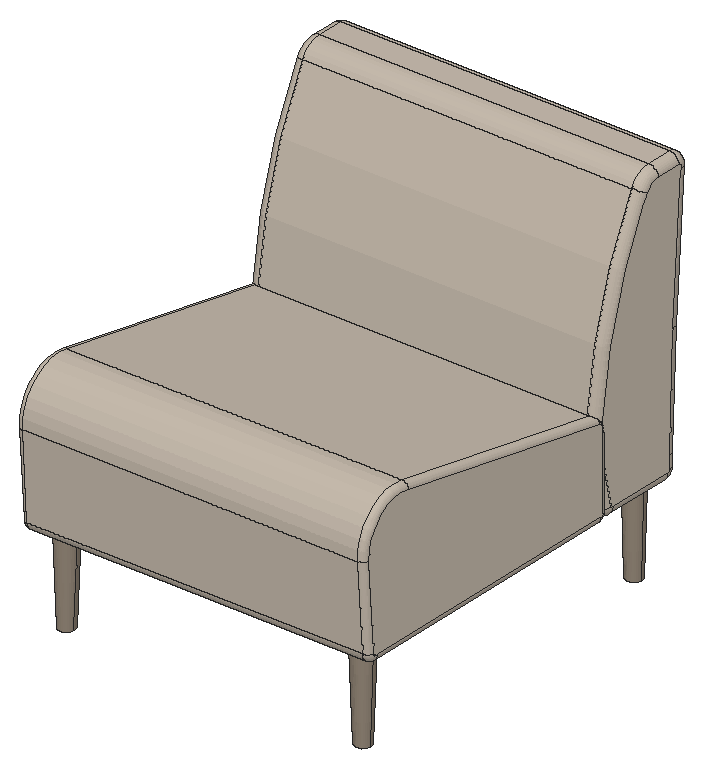
Revit family "Rise_RS-S1-28_28inchSingleSeatArmless", category Furniture, Revit 2021
Family settings
  OmniClass Number = 23.40.20.00
  OmniClass Title = General Furniture and Specialties
  Work Plane-Based = No
  Always vertical = Yes
  Cut with Voids When Loaded = No
  Shared = No
  Room Calculation Point = No
Parameters
  width of arm rest = 4"
  seat width = 28"
  seat depth = 22"
  Seat material = fabric 5ii
  Height = 32"
  Default Elevation = 0"
  Base material = wooden base5
  Base height = 8 3/4"
  Back rest material = fabric 5i
  Arm height = 22 1/2"
  Arm depth = 26"
Reference planes (in)
  plane 1 "Center Front/Back": y = 0
  plane 2: z = 0
  plane 3 "Center Left/Right": x = 0
  plane 4: y = 11
  plane 5: y = -11
  plane 6: x = -14
  plane 7: x = 14
  plane 8: y = 21
  plane 9: x = -18
  plane 10: x = 18
  plane 11: y = -8
  plane 12: z = 22.5
  plane 13: z = 32
  plane 14: z = 19
  plane 15: z = 15.25
  plane 16: y = 18
  plane 17: z = 8.75
Forms (in)
  Extrusion 1, solid, material "fabric 5ii" <- "Seat material"
    sketch origin (0, 0, -1.62677) x (0, 1, 0) y (0, 0, 1)
      loop
        line (-11.74888, 16.38716) -> (-11.29557, 9.49748)
        arc (-11.29557, 9.49748) -> (-11.0441, 8.96604) -> (-10.4973, 8.75) r 0.8
        line (-10.4973, 8.75) -> (11.997, 8.75)
        arc (11.997, 8.75) -> (12.52945, 8.97055) -> (12.75, 9.503) r 0.753
        line (12.75, 9.503) -> (12.75, 15.57243)
        arc (12.75, 15.57243) -> (12.52198, 16.20808) -> (11.94189, 16.55384) r 1
        line (11.94189, 16.55384) -> (-7.28738, 20.31367)
        arc (-7.28738, 20.31367) -> (-10.48447, 19.44842) -> (-11.74888, 16.38716) r 3.75
    from -14 to 14
  Extrusion 2, solid, material "fabric 5i" <- "Back rest material"
    sketch origin (0, 0, -1.62677) x (0, 1, 0) y (0, 0, 1)
      loop
        arc (17.84106, 32) -> (16.8312, 31.72632) -> (16.09771, 30.98017) r 2
        arc (16.09771, 30.98017) -> (13.03706, 23.84164) -> (11.56444, 16.21552) r 36.31484
        arc (11.56444, 16.21552) -> (11.61323, 12.79384) -> (12.32657, 9.44698) r 17.51081
        arc (12.32657, 9.44698) -> (12.68922, 8.94284) -> (13.27955, 8.75) r 1
        line (13.27955, 8.75) -> (18.75, 8.75)
        arc (18.75, 8.75) -> (19.45711, 9.04289) -> (19.75, 9.75) r 1
        line (19.75, 9.75) -> (19.75, 10.78792)
        arc (19.75, 10.78792) -> (19.83305, 15.24691) -> (20.08207, 19.69971) r 119.75
        line (20.08207, 19.69971) -> (20.91982, 30.92558)
        arc (20.91982, 30.92558) -> (20.65554, 31.68029) -> (19.92259, 32) r 1
        line (19.92259, 32) -> (17.84106, 32)
    from -14 to 14
  Blend 3, solid, material "wooden base5" <- "Base material"
    base sketch origin (-52.01089, -17.51001, 0) x (1, 0, 0) y (0, 1, 0)
      loop
        circle (63.95812, 8.21718) r 0.875
    top sketch origin (-52.01089, -17.51001, 0) x (1, 0, 0) y (0, 1, 0)
      loop
        circle (63.95812, 8.21718) r 0.62593
    from 7.12323 to 0
  Extrusion 4, void
    sketch origin (-11.95593, -15.0935, 0) x (1, 0, 0) y (0, 1, 0)
      loop
        circle (23.90316, 5.80067) r 0.3906
    from 0 to 7.12323
  Blend 5, solid, material "wooden base5" <- "Base material", not visible
    base sketch origin (-54.96047, -15.37367, 0) x (1, 0, 0) y (0, 1, 0)
      loop
        circle (63.95812, 8.21718) r 0.875
    top sketch origin (-54.96047, -15.37367, 0) x (1, 0, 0) y (0, 1, 0)
      loop
        circle (63.95812, 8.21718) r 0.62593
    from 7.12323 to 0
  Extrusion 6, void, not visible
    sketch origin (-14.90551, -12.95717, 0) x (1, 0, 0) y (0, 1, 0)
      loop
        circle (23.90316, 5.80067) r 0.3906
    from 0 to 7.12323
  Blend 7, solid, material "wooden base5" <- "Base material"
    base sketch origin (52.01089, 17.51001, 0) x (-1, 0, 0) y (0, -1, 0)
      loop
        circle (63.95812, 26.80283) r 0.875
    top sketch origin (52.01089, 17.51001, 0) x (-1, 0, 0) y (0, -1, 0)
      loop
        circle (63.95812, 26.80283) r 0.62593
    from 7.12323 to 0
  Extrusion 8, void
    sketch origin (11.95593, 15.0935, 0) x (-1, 0, 0) y (0, -1, 0)
      loop
        circle (23.90316, 24.38632) r 0.3906
    from 0 to 7.12323
  Blend 9, solid, material "wooden base5" <- "Base material"
    base sketch origin (-55.01089, 9.78282, 0) x (1, 0, 0) y (0, 1, 0)
      loop
        circle (66.95812, 8.21718) r 0.875
    top sketch origin (-55.01089, 9.78282, 0) x (1, 0, 0) y (0, 1, 0)
      loop
        circle (66.95812, 8.21718) r 0.62593
    from 8.75 to 0
  Extrusion 10, void
    sketch origin (-14.95593, 12.19933, 0) x (1, 0, 0) y (0, 1, 0)
      loop
        circle (26.90316, 5.80067) r 0.3906
    from 0 to 7.12323
  Blend 11, solid, material "wooden base5" <- "Base material"
    base sketch origin (55.01089, 44.80283, 0) x (-1, 0, 0) y (0, -1, 0)
      loop
        circle (66.95812, 26.80283) r 0.875
    top sketch origin (55.01089, 44.80283, 0) x (-1, 0, 0) y (0, -1, 0)
      loop
        circle (66.95812, 26.80283) r 0.62593
    from 7.12323 to 0
  Extrusion 12, void
    sketch origin (14.95593, 42.38632, 0) x (-1, 0, 0) y (0, -1, 0)
      loop
        circle (26.90316, 24.38632) r 0.3906
    from 0 to 7.12323
  Sweep 13, void
    path in 3D
      loop
        arc (14, 11.997, 7.12323) -> (14, 12.52945, 7.34377) -> (14, 12.75, 7.87623) r 0.753
        line (14, 12.75, 7.87623) -> (14, 12.75, 13.94565)
        arc (14, 12.75, 13.94565) -> (14, 12.52198, 14.5813) -> (14, 11.94189, 14.92707) r 1
        line (14, 11.94189, 14.92707) -> (14, -7.28738, 18.6869)
        arc (14, -7.28738, 18.6869) -> (14, -10.48447, 17.82165) -> (14, -11.74888, 14.76039) r 3.75
        line (14, -11.74888, 14.76039) -> (14, -11.29557, 7.8707)
        arc (14, -11.29557, 7.8707) -> (14, -11.0441, 7.33927) -> (14, -10.4973, 7.12323) r 0.8
        line (14, -10.4973, 7.12323) -> (14, 11.997, 7.12323)
    profile origin (14, 0.74985, 7.12323) x (1, 0, 0) y (0, 0, -1)
      loop
        line (0, 0) -> (-0.5, 0)
        arc (-0.5, 0) -> (-0.14645, -0.14645) -> (0, -0.5) r 0.5
        line (0, -0.5) -> (0, 0)
  Sweep 14, void
    path in 3D
      loop
        arc (-14, 11.997, 7.12323) -> (-14, 12.52945, 7.34377) -> (-14, 12.75, 7.87623) r 0.753
        line (-14, 12.75, 7.87623) -> (-14, 12.75, 13.94565)
        arc (-14, 12.75, 13.94565) -> (-14, 12.52198, 14.5813) -> (-14, 11.94189, 14.92707) r 1
        line (-14, 11.94189, 14.92707) -> (-14, -7.28738, 18.6869)
        arc (-14, -7.28738, 18.6869) -> (-14, -10.48447, 17.82165) -> (-14, -11.74888, 14.76039) r 3.75
        line (-14, -11.74888, 14.76039) -> (-14, -11.29557, 7.8707)
        arc (-14, -11.29557, 7.8707) -> (-14, -11.0441, 7.33927) -> (-14, -10.4973, 7.12323) r 0.8
        line (-14, -10.4973, 7.12323) -> (-14, 11.997, 7.12323)
    profile origin (-14, 0.74985, 7.12323) x (1, 0, 0) y (0, 0, -1)
      loop
        line (0, 0) -> (0, -0.5)
        arc (0, -0.5) -> (0.14645, -0.14645) -> (0.5, 0) r 0.5
        line (0.5, 0) -> (0, 0)
  Sweep 15, void
    path in 3D
      loop
        arc (14, 17.84106, 30.37323) -> (14, 16.8312, 30.09954) -> (14, 16.09771, 29.3534) r 2
        arc (14, 16.09771, 29.3534) -> (14, 13.03706, 22.21486) -> (14, 11.56444, 14.58875) r 36.31484
        arc (14, 11.56444, 14.58875) -> (14, 11.61323, 11.16706) -> (14, 12.32657, 7.8202) r 17.51081
        arc (14, 12.32657, 7.8202) -> (14, 12.68922, 7.31606) -> (14, 13.27955, 7.12323) r 1
        line (14, 13.27955, 7.12323) -> (14, 18.75, 7.12323)
        arc (14, 18.75, 7.12323) -> (14, 19.45711, 7.41612) -> (14, 19.75, 8.12323) r 1
        line (14, 19.75, 8.12323) -> (14, 19.75, 9.16115)
        arc (14, 19.75, 9.16115) -> (14, 19.83305, 13.62013) -> (14, 20.08207, 18.07293) r 119.75
        line (14, 20.08207, 18.07293) -> (14, 20.91982, 29.29881)
        arc (14, 20.91982, 29.29881) -> (14, 20.65554, 30.05351) -> (14, 19.92259, 30.37323) r 1
        line (14, 19.92259, 30.37323) -> (14, 17.84106, 30.37323)
    profile origin (14, 18.88183, 30.37323) x (1, 0, 0) y (0, 0, 1)
      loop
        line (0, 0) -> (-0.75, 0)
        arc (-0.75, 0) -> (-0.21967, -0.21967) -> (0, -0.75) r 0.75
        line (0, -0.75) -> (0, 0)
  Sweep 16, void
    path in 3D
      loop
        arc (-14, 19.92259, 30.37323) -> (-14, 20.65554, 30.05351) -> (-14, 20.91982, 29.29881) r 1
        line (-14, 20.91982, 29.29881) -> (-14, 20.08207, 18.07293)
        arc (-14, 20.08207, 18.07293) -> (-14, 19.83305, 13.62013) -> (-14, 19.75, 9.16115) r 119.75
        line (-14, 19.75, 9.16115) -> (-14, 19.75, 8.12323)
        arc (-14, 19.75, 8.12323) -> (-14, 19.45711, 7.41612) -> (-14, 18.75, 7.12323) r 1
        line (-14, 18.75, 7.12323) -> (-14, 13.27955, 7.12323)
        arc (-14, 13.27955, 7.12323) -> (-14, 12.68922, 7.31606) -> (-14, 12.32657, 7.8202) r 1
        arc (-14, 12.32657, 7.8202) -> (-14, 11.61323, 11.16706) -> (-14, 11.56444, 14.58875) r 17.51081
        arc (-14, 11.56444, 14.58875) -> (-14, 13.03706, 22.21486) -> (-14, 16.09771, 29.3534) r 36.31484
        arc (-14, 16.09771, 29.3534) -> (-14, 16.8312, 30.09954) -> (-14, 17.84106, 30.37323) r 2
        line (-14, 17.84106, 30.37323) -> (-14, 19.92259, 30.37323)
    profile origin (-14, 18.88183, 30.37323) x (-1, 0, 0) y (0, 0, 1)
      loop
        line (0, 0) -> (-0.75, 0)
        arc (-0.75, 0) -> (-0.21967, -0.21967) -> (0, -0.75) r 0.75
        line (0, -0.75) -> (0, 0)
Cuts and joins
  Sweep 13, Sweep 14 cuts Extrusion 1
  Sweep 15, Sweep 16 cuts Extrusion 2
  Extrusion 4, Extrusion 8, Extrusion 10 cuts Blend 3
  Extrusion 8, Extrusion 12 cuts Blend 7
  Extrusion 10 cuts Blend 9
  Extrusion 12 cuts Blend 11
Lines and regions (in)
  sketch lines
    curve 1: line (14, -10.4973, 7.12323) -> (14, 11.997, 7.12323)
    curve 2: arc (14, -10.4973, 7.12323) -> (14, -11.0441, 7.33927) -> (14, -11.29557, 7.8707) r 0.8
    curve 3: line (14, -11.74888, 14.76039) -> (14, -11.29557, 7.8707)
    curve 4: arc (14, -11.74888, 14.76039) -> (14, -10.48447, 17.82165) -> (14, -7.28738, 18.6869) r 3.75
    curve 5: line (14, 11.94189, 14.92707) -> (14, -7.28738, 18.6869)
    curve 6: arc (14, 12.75, 13.94565) -> (14, 12.52198, 14.5813) -> (14, 11.94189, 14.92707) r 1
    curve 7: line (14, 12.75, 13.94565) -> (14, 12.75, 7.87623)
    curve 8: arc (14, 11.997, 7.12323) -> (14, 12.52945, 7.34377) -> (14, 12.75, 7.87623) r 0.753
    curve 9: line (-14, -10.4973, 7.12323) -> (-14, 11.997, 7.12323)
    curve 10: arc (-14, -10.4973, 7.12323) -> (-14, -11.0441, 7.33927) -> (-14, -11.29557, 7.8707) r 0.8
    curve 11: line (-14, -11.74888, 14.76039) -> (-14, -11.29557, 7.8707)
    curve 12: arc (-14, -11.74888, 14.76039) -> (-14, -10.48447, 17.82165) -> (-14, -7.28738, 18.6869) r 3.75
    curve 13: line (-14, 11.94189, 14.92707) -> (-14, -7.28738, 18.6869)
    curve 14: arc (-14, 12.75, 13.94565) -> (-14, 12.52198, 14.5813) -> (-14, 11.94189, 14.92707) r 1
    curve 15: line (-14, 12.75, 13.94565) -> (-14, 12.75, 7.87623)
    curve 16: arc (-14, 11.997, 7.12323) -> (-14, 12.52945, 7.34377) -> (-14, 12.75, 7.87623) r 0.753
    curve 17: line (14, 19.92259, 30.37323) -> (14, 17.84106, 30.37323)
    curve 18: arc (14, 16.09771, 29.3534) -> (14, 16.8312, 30.09954) -> (14, 17.84106, 30.37323) r 2
    curve 19: arc (14, 11.56444, 14.58875) -> (14, 13.03706, 22.21486) -> (14, 16.09771, 29.3534) r 36.31484
    curve 20: arc (14, 19.92259, 30.37323) -> (14, 20.65554, 30.05351) -> (14, 20.91982, 29.29881) r 1
    curve 21: line (14, 20.08207, 18.07293) -> (14, 20.91982, 29.29881)
    curve 22: arc (14, 12.32657, 7.8202) -> (14, 11.61323, 11.16706) -> (14, 11.56444, 14.58875) r 17.51081
    curve 23: arc (14, 13.27955, 7.12323) -> (14, 12.68922, 7.31606) -> (14, 12.32657, 7.8202) r 1
    curve 24: line (14, 13.27955, 7.12323) -> (14, 18.75, 7.12323)
    curve 25: arc (14, 19.75, 8.12323) -> (14, 19.45711, 7.41612) -> (14, 18.75, 7.12323) r 1
    curve 26: line (14, 19.75, 8.12323) -> (14, 19.75, 9.16115)
    curve 27: arc (14, 20.08207, 18.07293) -> (14, 19.83305, 13.62013) -> (14, 19.75, 9.16115) r 119.75
    curve 28: line (-14, 17.84106, 30.37323) -> (-14, 19.92259, 30.37323)
    curve 29: arc (-14, 17.84106, 30.37323) -> (-14, 16.8312, 30.09954) -> (-14, 16.09771, 29.3534) r 2
    curve 30: arc (-14, 16.09771, 29.3534) -> (-14, 13.03706, 22.21486) -> (-14, 11.56444, 14.58875) r 36.31484
    curve 31: arc (-14, 20.91982, 29.29881) -> (-14, 20.65554, 30.05351) -> (-14, 19.92259, 30.37323) r 1
    curve 32: line (-14, 20.91982, 29.29881) -> (-14, 20.08207, 18.07293)
    curve 33: arc (-14, 11.56444, 14.58875) -> (-14, 11.61323, 11.16706) -> (-14, 12.32657, 7.8202) r 17.51081
    curve 34: arc (-14, 12.32657, 7.8202) -> (-14, 12.68922, 7.31606) -> (-14, 13.27955, 7.12323) r 1
    curve 35: line (-14, 18.75, 7.12323) -> (-14, 13.27955, 7.12323)
    curve 36: arc (-14, 18.75, 7.12323) -> (-14, 19.45711, 7.41612) -> (-14, 19.75, 8.12323) r 1
    curve 37: line (-14, 19.75, 9.16115) -> (-14, 19.75, 8.12323)
    curve 38: arc (-14, 19.75, 9.16115) -> (-14, 19.83305, 13.62013) -> (-14, 20.08207, 18.07293) r 119.75
Dimensions and locks (in)
  equal spacing: plane 6, plane 3 "Center Left/Right", plane 7
  "seat width": plane 6 to plane 7
  equal spacing: plane 4, plane 1 "Center Front/Back", plane 5
  "seat depth": plane 4 to plane 5
  "width of arm rest": plane 9 to plane 6
  "width of arm rest": plane 7 to plane 10
  plane 14 to level = 19"
  "Arm height": plane 12 to level
  "Height": plane 13 to level
  plane 11 to plane 4 to plane 8 = 19", 10"
  "Arm depth": plane 16 to plane 11
  plane 11 to plane 5 = 3"
  plane 8 to plane 16 = 3"
  plane 13 to level = 32"
  "Base height": plane 17 to level
  diameter of Blend 3 sketch curve = 1.25187"
  diameter of Extrusion 4 sketch curve = 0.7812"
  diameter of Blend 5 sketch curve = 1.25187"
  diameter of Extrusion 6 sketch curve = 0.7812"
  diameter of Blend 7 sketch curve = 1.25187"
  diameter of Extrusion 8 sketch curve = 0.7812"
  diameter of Blend 9 sketch curve = 1.25187"
  diameter of Extrusion 10 sketch curve = 0.7812"
  diameter of Blend 11 sketch curve = 1.25187"
  diameter of Extrusion 12 sketch curve = 0.7812"
  aligned and locked: level to plane 2
  aligned and locked: Extrusion 1 to plane 6
  aligned and locked: plane 7 to Extrusion 1
  aligned and locked: plane 7 to Extrusion 2
  aligned and locked: Extrusion 2 to plane 6
  aligned and locked: plane 17 to cut or joined group of Blend 9, Extrusion 10
Automatic sketch dimensions
  plane 4 to Extrusion 2 sketch curve = 2.27955"
  Extrusion 2 sketch curve to plane 16 = 0.15894"
  Extrusion 2 sketch curve to plane 8 = 2 1/4"
  Extrusion 2 sketch curve to plane 14 = 0.92707"
  Extrusion 2 sketch curve to Extrusion 2 sketch curve = 0.33207"
  Extrusion 2 sketch curve to plane 8 = 1.07741"
  Extrusion 2 sketch curve to plane 8 = 0.08018"
  Extrusion 2 sketch curve to plane 15 = 2.12363"
  plane 8 to Extrusion 2 sketch curve = 8.01407"
  Extrusion 2 sketch curve to plane 15 = 3.694"
  Extrusion 2 sketch curve to Extrusion 2 sketch curve = 18.73835"
  Extrusion 2 sketch curve to plane 13 = 2.70119"
  Extrusion 2 sketch curve to plane 13 = 3.62677"
  Extrusion 2 sketch curve to Extrusion 2 sketch curve = 0"  (x2)
  Extrusion 2 sketch curve to Extrusion 2 sketch curve = 1"
  Extrusion 2 sketch curve to Extrusion 2 sketch curve = 0.07442"
  Extrusion 2 sketch curve to plane 15 = 6.08885"
  Extrusion 2 sketch curve to Extrusion 2 sketch curve = 1.03792"  (x2)
  Sweep 13 sketch curve to profile plane = 0"
  profile plane to Sweep 13 sketch curve = 0"
  profile plane to Sweep 13 sketch curve = 1/2"
  Extrusion 1 sketch curve to plane 5 = 0.74888"
  Extrusion 1 sketch curve to plane 5 = 0.29557"
  plane 5 to Extrusion 1 sketch curve = 0.5027"
  Extrusion 1 sketch curve to plane 11 = 0.00697"
  Extrusion 1 sketch curve to plane 14 = 0.3131"
  plane 11 to Extrusion 1 sketch curve = 0.71262"
  plane 4 to Extrusion 1 sketch curve = 3/4"
  Extrusion 1 sketch curve to plane 15 = 0.32293"
  plane 4 to Extrusion 1 sketch curve = 0.94189"
  plane 4 to Extrusion 1 sketch curve = 0.997"
  Extrusion 1 sketch curve to Extrusion 1 sketch curve = 1"
  Extrusion 1 sketch curve to plane 17 = 0.82677"
  Extrusion 1 sketch curve to Extrusion 1 sketch curve = 6.06943"
  Extrusion 1 sketch curve to plane 15 = 0.48961"
  Blend 9 sketch curve to plane 16 = 0"  (x2)
  Blend 9 sketch curve to plane 7 = 2.05277"  (x2)
  Extrusion 10 sketch curve to plane 16 = 0"
  Extrusion 10 sketch curve to plane 7 = 2.05277"
  Blend 11 sketch curve to plane 16 = 0"  (x2)
  plane 6 to Blend 11 sketch curve = 2.05277"  (x2)
  Extrusion 12 sketch curve to plane 16 = 0"
  plane 6 to Extrusion 12 sketch curve = 2.05277"
  profile plane to Sweep 14 sketch curve = 0"
  Sweep 14 sketch curve to profile plane = 0"
  Sweep 14 sketch curve to Sweep 14 sketch curve = 1/2"
  Sweep 15 sketch curve to profile plane = 0"
  profile plane to Sweep 15 sketch curve = 0"
  Sweep 15 sketch curve to Sweep 15 sketch curve = 3/4"
  Sweep 16 sketch curve to profile plane = 0"  (x2)
  Sweep 16 sketch curve to Sweep 16 sketch curve = 3/4"
  radius of Blend 3 sketch curve = 7/8"
  radius of Blend 5 sketch curve = 7/8"
  radius of Blend 7 sketch curve = 7/8"
  radius of Blend 9 sketch curve = 7/8"
  radius of Blend 11 sketch curve = 7/8"
